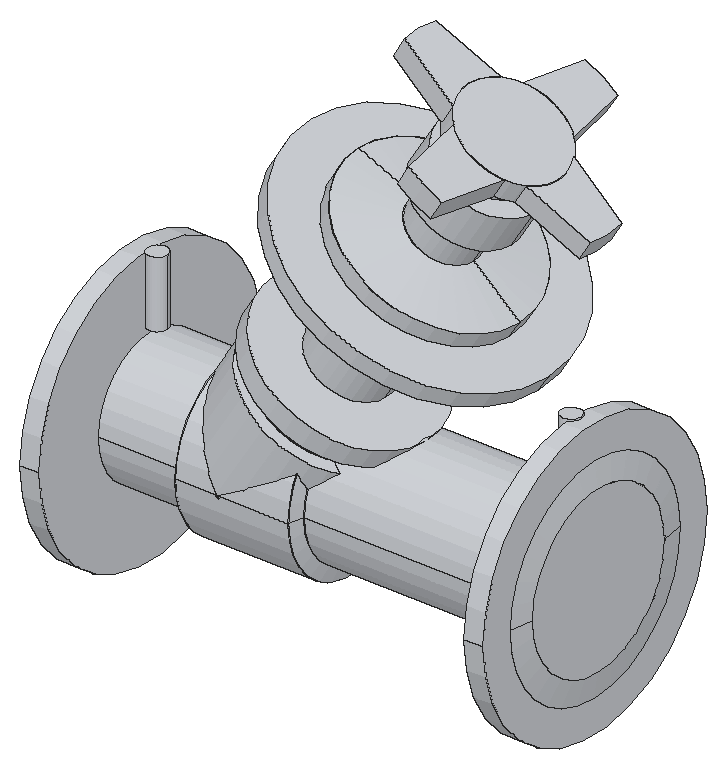
Revit family "224_DN150_40-160_RFA_2019", category Pipe Accessories, Revit 2019
Family settings
  Round Connector Dimension = Use Diameter
  Part Type = Valve - Breaks Into
  Work Plane-Based = No
  Always vertical = Yes
  Cut with Voids When Loaded = No
  Shared = No
Parameters (values of type "224_DN150_(40-160)")
  magiProductId = "96017eba5eec4de2abe05c4d8dc7d1"
  magiProductFamilyId = "cb96b53648234cefb8c956722b95ac"
  magiPartTypeId = 304
  isMeasuringValve [instance] = no
  ang2D [instance] = 0.00°
  Z8 = 26.866 mm
  Z7 = 8.955 mm
  Z6 = 89.552 mm
  Z4 = 44.776 mm
  Z3 = 17.91 mm
  Z2 = 22.388 mm
  Z1 = 89.552 mm
  Y9 = 112.022 mm
  Y8 = 43.927 mm
  X9 = 19.752 mm
  X8 = 30.758 mm
  X5 = 223.38 mm
  X4 = 115.5 mm
  X1 = 19.2 mm
  W2D = 100 mm
  VersionID = "2.0/2018.4.11.4/ZETKAMA_224_001"
  Use Minimum Symbol Size [instance] = yes
  URL = "www.hydronic.cz"
  Type Comments = "přírubový ventil, PN16; -10~+120°C; dpmin=1,5xdpnast;"
  R8 = 53.625 mm
  R7 = 35.75 mm
  R6 = 96.688 mm
  R5 = 142.5 mm
  R4 = 113.75 mm
  R3 = 70.2 mm
  R2 = 108.5 mm
  R12 = 42.75 mm
  R10 = 84 mm
  QmdConnectorList = "301;D;302;D"
  Productdata [instance] = ""
  Manufacturer = "Hydronic Systems Prague s.r.o."
  Maintenance Zone Under Depth [instance] = 440 mm
  Maintenance Zone Right Depth [instance] = 480 mm
  Maintenance Zone Over Depth [instance] = 440 mm
  Maintenance Zone Left Depth [instance] = 480 mm
  Maintenance Zone Front Depth [instance] = 273 mm
  Maintenance Zone Back Depth [instance] = 273 mm
  Maintenance Zone Front Visibility [instance] = no
  MC Product Code = "224 150 7 (DN150; dpnast 40-160kPa; dpmax=250kPa; kvs=200,0kPa)"
  MC Piping Given Pressure Drop [instance] = 0.0 Pa
  LT2 = 240 mm
  L3 = 86.72 mm
  L2D_Min = 3048 mm
  L2D = 350 mm
  H5 = 67.5 mm
  FDT2 = 142.5 mm
  Description = "Regulátor diferenčního tlaku přírubový"
  DT21 = 67.5 mm
  DT2 = 75 mm
  D6 = 90.75 mm
  D5 = 82.5 mm
  D = 150 mm
  Clearance Zone Height Depth [instance] = 440 mm
  Clearance Zone Circular Radius [instance] = 480 mm
  Clearance Zone Visibility [instance] = no
  CAT0 = yes
  ARC2 = 1.728 mm
  ARC1 = 9.698 mm
  ANG = 32.00°
  A2 = 44.513 mm
  A1 = 71.236 mm
Types (10, lengths in mm): name | magiProductId | Z8 | Z7 | Z6 | Z4 | Z3 | Z2 | Z1 | X5 | X4 | X1 | R5 | R3 | R2 | R10 | Maintenance Zone Under Depth | Maintenance Zone Right Depth | Maintenance Zone Over Depth | Maintenance Zone Left Depth | MC Product Code | LT2 | L3 | H5 | FDT2 | DT21 | DT2 | D6 | D5 | D | Clearance Zone Height Depth | Clearance Zone Circular Radius | A2 | A1
  224_DN100_(40-160) | "71f9e553003c40d991c5e352e67284" | 24.389 | 8.13 | 101.622 | 40.649 | 16.26 | 20.324 | 60.973 | 152.2 | 91 | 14 | 110 | 52 | 80.5 | 58 | 405 | 350 | 405 | 350 | "224 100 7 (DN100; dpnast 40-160kPa; dpmax=250kPa; kvs=110,0kPa)" | 175 | 62.8 | 60 | 110 | 50 | 50 | 81.25 | 65 | 100 | 405 | 350 | 32.458 | 51.943
  224_DN100_(20-70) | "5e4de33176c64976a9c157b39996ce" | 24.389 | 8.13 | 101.622 | 40.649 | 16.26 | 20.324 | 60.973 | 152.2 | 91 | 14 | 110 | 52 | 80.5 | 58 | 405 | 350 | 405 | 350 | "224 100 3 (DN100; dpnast 20-70kPa; dpmax=250kPa; kvs=110,0kPa)" | 175 | 62.8 | 60 | 110 | 50 | 50 | 81.25 | 65 | 100 | 405 | 350 | 32.458 | 51.943
  224_DN125_(40-160) | "9beb69b667494b6ab1f54942078ae6" | 25.804 | 8.601 | 107.518 | 43.007 | 17.203 | 21.504 | 64.511 | 166.25 | 113.75 | 16 | 125 | 65 | 95.5 | 71 | 425 | 400 | 425 | 400 | "224 125 7 (DN125; dpnast 40-160kPa; dpmax=250kPa; kvs=169,0kPa)" | 200 | 72 | 62.5 | 125 | 62.5 | 62.5 | 101.562 | 81.25 | 125 | 425 | 400 | 37.094 | 59.363
  224_DN125_(20-70) | "2c85edc695ca465cb63b6911085491" | 25.804 | 8.601 | 107.518 | 43.007 | 17.203 | 21.504 | 64.511 | 166.25 | 113.75 | 16 | 125 | 65 | 95.5 | 71 | 425 | 400 | 425 | 400 | "224 125 3 (DN125; dpnast 20-70kPa; dpmax=250kPa; kvs=169,0kPa)" | 200 | 72 | 62.5 | 125 | 62.5 | 62.5 | 101.562 | 81.25 | 125 | 425 | 400 | 37.094 | 59.363
  224_DN150_(40-160) | "96017eba5eec4de2abe05c4d8dc7d1" | 26.866 | 8.955 | 89.552 | 44.776 | 17.91 | 22.388 | 89.552 | 223.38 | 115.5 | 19.2 | 142.5 | 70.2 | 108.5 | 84 | 440 | 480 | 440 | 480 | "224 150 7 (DN150; dpnast 40-160kPa; dpmax=250kPa; kvs=200,0kPa)" | 240 | 86.72 | 67.5 | 142.5 | 67.5 | 75 | 90.75 | 82.5 | 150 | 440 | 480 | 44.513 | 71.236
  224_DN150_(20-70) | "2dcf3707ec5549d494f72875a03dce" | 26.866 | 8.955 | 89.552 | 44.776 | 17.91 | 22.388 | 89.552 | 223.38 | 115.5 | 19.2 | 142.5 | 70.2 | 108.5 | 84 | 440 | 480 | 440 | 480 | "224 150 3 (DN150; dpnast 20-70kPa; dpmax=250kPa; kvs=200,0kPa)" | 240 | 86.72 | 67.5 | 142.5 | 67.5 | 75 | 90.75 | 82.5 | 150 | 440 | 480 | 44.513 | 71.236
  224_DN065_(40-160) | "7a3227ed888c4b0d8669ae9eb0085d" | 22.974 | 7.658 | 95.726 | 38.29 | 15.316 | 19.145 | 57.436 | 139.89 | 59.15 | 11.6 | 92.5 | 33.8 | 63 | 40.5 | 385 | 290 | 385 | 290 | "224 065 7 (DN65; dpnast 40-160kPa; dpmax=300kPa; kvs=48,4kPa)" | 145 | 51.76 | 60 | 92.5 | 32.5 | 32.5 | 52.812 | 42.25 | 65 | 385 | 290 | 26.893 | 43.038
  224_DN065_(20-70) | "bd269db4002540fe9b2a41f205afd7" | 22.974 | 7.658 | 95.726 | 38.29 | 15.316 | 19.145 | 57.436 | 139.89 | 59.15 | 11.6 | 92.5 | 33.8 | 63 | 40.5 | 385 | 290 | 385 | 290 | "224 065 3 (DN65; dpnast 20-70kPa; dpmax=300kPa; kvs=48,4kPa)" | 145 | 51.76 | 60 | 92.5 | 32.5 | 32.5 | 52.812 | 42.25 | 65 | 385 | 290 | 26.893 | 43.038
  224_DN080_(40-160) | "20b45c03d3cb49e9a44f946d5e2c2d" | 23.328 | 7.776 | 97.2 | 38.88 | 15.552 | 19.44 | 58.32 | 140.96 | 72.8 | 12.4 | 100 | 41.6 | 70.5 | 48 | 390 | 310 | 390 | 310 | "224 080 7 (DN80; dpnast 40-160kPa; dpmax=300kPa; kvs=74,5kPa)" | 155 | 55.44 | 60 | 100 | 40 | 40 | 65 | 52 | 80 | 390 | 310 | 28.748 | 46.007
  224_DN080_(20-70) | "2f63645f7c5342ecbadd0051fa47f2" | 23.328 | 7.776 | 97.2 | 38.88 | 15.552 | 19.44 | 58.32 | 140.96 | 72.8 | 12.4 | 100 | 41.6 | 70.5 | 48 | 390 | 310 | 390 | 310 | "224 080 3 (DN80; dpnast 20-70kPa; dpmax=300kPa; kvs=74,5kPa)" | 155 | 55.44 | 60 | 100 | 40 | 40 | 65 | 52 | 80 | 390 | 310 | 28.748 | 46.007
Reference planes
  plane 1 "Center (Front/Back)": y = 0
  plane 2 "XYPLANE": z = 0
  plane 3 "Center (Left/Right)": x = 0
  plane 4 "274": z = -440
  plane 5 "273": z = 440
  plane 6 "272": x = -480
  plane 7 "271": x = 480
  plane 8 "270": y = 273
  plane 9 "269": y = -273
  plane 10 "202": x = 211.8
  plane 11 "201": z = 75
  plane 12 "199": x = -209.8
  plane 13 "196": x = -6.58
  plane 14 "195": x = -10.58
  plane 15 "186": x = -126.08
  plane 16 "185": x = -130.08
  plane 17 "157": through (-517.259, 0, 587.523) normal (0.5299, 0, 0.848)
  plane 18 "123": y = -19.752
  plane 19 "122": y = -30.758
  plane 20 "120": y = 19.752
  plane 21 "119": y = 30.758
  plane 22 "118": through (242.028, 0, 733.148) normal (0.848, 0, -0.5299)
  plane 23 "117": through (374.28, 0, 650.508) normal (0.848, 0, -0.5299)
  plane 24 "116": through (432.028, 0, 614.423) normal (0.848, 0, -0.5299)
  plane 25 "115": through (299.776, 0, 697.063) normal (0.848, 0, -0.5299)
  plane 26 "113": y = -43.927
  plane 27 "112": y = -112.022
  plane 28 "110": through (363.112, 0, 657.486) normal (0.848, 0, -0.5299)
  plane 29 "108": through (320.277, 0, 684.253) normal (0.848, 0, -0.5299)
  plane 30 "107": through (310.944, 0, 690.085) normal (0.848, 0, -0.5299)
  plane 31 "106": through (353.779, 0, 663.318) normal (0.848, 0, -0.5299)
  plane 32 "105": y = 112.022
  plane 33 "104": y = 43.927
  plane 34 "99": through (-434.212, 0, 720.426) normal (0.5299, 0, 0.848)
  plane 35 "96": through (-446.076, 0, 701.44) normal (0.5299, 0, 0.848)
  plane 36 "91": through (-469.803, 0, 663.467) normal (0.5299, 0, 0.848)
  plane 37 "87": through (-493.531, 0, 625.495) normal (0.5299, 0, 0.848)
  plane 38 "84": through (-498.277, 0, 617.901) normal (0.5299, 0, 0.848)
  plane 39 "82": through (-507.768, 0, 602.712) normal (0.5299, 0, 0.848)
  plane 40 "75": through (-526.75, 0, 572.334) normal (0.5299, 0, 0.848)
  plane 41 "74": through (-540.986, 0, 549.551) normal (0.5299, 0, 0.848)
  plane 42 "41": through (-588.442, 0, 473.607) normal (0.5299, 0, 0.848)
  plane 43 "37": through (-600.305, 0, 454.621) normal (0.5299, 0, 0.848)
  plane 44 "34": through (-612.169, 0, 435.634) normal (0.5299, 0, 0.848)
  plane 45 "30": through (-659.624, 0, 359.69) normal (0.5299, 0, 0.848)
  plane 46 "28": y = 0
  plane 47 "27": through (337.028, 0, 673.785) normal (0.848, 0, -0.5299)
  plane 48 "24": x = 236
  plane 49 "23": x = 216.8
  plane 50 "15": x = -216.8
  plane 51 "11": x = -236
  plane 52 "6": x = 240
  plane 53 "5": x = -240
  plane 54 "3": z = 0
  plane 55 "2": y = 0
  plane 56 "1": x = 0
  plane 57 "25XY": through (-636.036, 0, 397.439) normal (0.5299, 0, 0.848)
  plane 58 "25XZ": y = 0
  plane 59 "25YZ": through (397.439, 0, 636.036) normal (0.848, 0, -0.5299)
Forms (mm)
  Blend 1, solid, visible <- "CAT0"
    base sketch origin (-540.986, 0, 549.551) x (0.848048, 0, -0.529919) y (0, 1, 0)
      loop
        circle (678.764, 0) r 42.75
    top sketch origin (-540.986, 0, 549.551) x (0.848048, 0, -0.529919) y (0, 1, 0)
      loop
        circle (678.764, 0) r 113.75
    from 0 to 26.866
  Blend 2, solid, visible <- "Maintenance Zone Front Visibility"
    base sketch origin (-750, 0, 440) x (1, 0, 0) y (0, 1, 0)
      loop
        line (270, 273) -> (270, -273) -> (1230, -273) -> (1230, 273) -> (270, 273)
    top sketch origin (-750, 0, 440) x (1, 0, 0) y (0, 1, 0)
      loop
        line (270, 273) -> (270, -273) -> (1230, -273) -> (1230, 273) -> (270, 273)
    from 0 to -880
  Extrusion 3, solid, visible <- "Clearance Zone Visibility"
    sketch origin (-750, 0, 0) x (1, 0, 0) y (0, 1, 0)
      loop
        circle (750, 0) r 480
    from 0 to 440 <- "Clearance Zone Height Depth"
  Extrusion 4, solid, visible <- "CAT0"
    sketch origin (-588.442, 0, 473.607) x (0.848048, 0, -0.529919) y (0, 1, 0)
      loop
        circle (678.764, 0) r 42.75
    from 0 to 89.552 <- "Z6"
  Extrusion 5, solid
    sketch origin (-750, 0, 75) x (1, 0, 0) y (0, 1, 0)
      loop
        circle (961.8, 0) r 10
    from 0 to 67.5 <- "H5"
  Extrusion 6, solid
    sketch origin (-750, 0, 75) x (1, 0, 0) y (0, 1, 0)
      loop
        circle (540.2, 0) r 10
    from 0 to 67.5 <- "H5"
  Extrusion 7, solid
    sketch origin (-6.58, -750, 0) x (0, 1, 0) y (0, 0, 1)
      loop
        circle (750, 0) r 67.5
    from 0 to 223.38 <- "X5"
  Blend 8, solid
    base sketch origin (-6.58, -750, 0) x (0, 1, 0) y (0, 0, 1)
      loop
        circle (750, 0) r 67.5
    top sketch origin (-6.58, -750, 0) x (0, 1, 0) y (0, 0, 1)
      loop
        circle (750, 0) r 82.5
    from 0 to -4
  Extrusion 9, solid
    sketch origin (-126.08, -750, 0) x (0, 1, 0) y (0, 0, 1)
      loop
        circle (750, 0) r 82.5
    from 0 to 115.5 <- "X4"
  Blend 10, solid
    base sketch origin (-130.08, -750, 0) x (0, 1, 0) y (0, 0, 1)
      loop
        circle (750, 0) r 67.5
    top sketch origin (-130.08, -750, 0) x (0, 1, 0) y (0, 0, 1)
      loop
        circle (750, 0) r 82.5
    from 0 to 4
  Extrusion 11, solid
    sketch origin (-659.624, 0, 359.69) x (0.848048, 0, -0.529919) y (0, 1, 0)
      loop
        circle (678.764, 0) r 82.5
    from 0 to 89.552 <- "Z1"
  Extrusion 12, solid
    sketch origin (-526.75, 0, 572.334) x (0.848048, 0, -0.529919) y (0, 1, 0)
      loop
        circle (678.764, 0) r 113.75
    from 0 to 17.91 <- "Z3"
  Extrusion 13, solid
    sketch origin (-434.212, 0, 720.426) x (0.848048, 0, -0.529919) y (0, 1, 0)
      loop
        line (722.691, -30.758) -> (790.786, -19.752)
        arc (790.786, -19.752) -> (792.514, 0) -> (790.786, 19.752) r 113.75
        line (790.786, 19.752) -> (722.691, 30.758)
        arc (722.691, 30.758) -> (732.389, 0) -> (722.691, -30.758) r 53.625
    from 0 to 22.388 <- "Z2"
  Extrusion 14, solid
    sketch origin (-434.212, 0, 720.426) x (0.848048, 0, -0.529919) y (0, 1, 0)
      loop
        line (634.837, 30.758) -> (566.742, 19.752)
        arc (566.742, 19.752) -> (565.014, 0) -> (566.742, -19.752) r 113.75
        line (566.742, -19.752) -> (634.837, -30.758)
        arc (634.837, -30.758) -> (625.139, 0) -> (634.837, 30.758) r 53.625
    from 0 to 22.388 <- "Z2"
  Extrusion 15, solid
    sketch origin (-434.212, 0, 720.426) x (0.848048, 0, -0.529919) y (0, 1, 0)
      loop
        line (648.006, -43.927) -> (659.011, -112.022)
        arc (659.011, -112.022) -> (678.764, -113.75) -> (698.516, -112.022) r 113.75
        line (698.516, -112.022) -> (709.522, -43.927)
        arc (709.522, -43.927) -> (678.764, -53.625) -> (648.006, -43.927) r 53.625
    from 0 to 22.388 <- "Z2"
  Extrusion 16, solid
    sketch origin (-434.212, 0, 720.426) x (0.848048, 0, -0.529919) y (0, 1, 0)
      loop
        line (709.522, 43.927) -> (698.516, 112.022)
        arc (698.516, 112.022) -> (678.764, 113.75) -> (659.011, 112.022) r 113.75
        line (659.011, 112.022) -> (648.006, 43.927)
        arc (648.006, 43.927) -> (678.764, 53.625) -> (709.522, 43.927) r 53.625
    from 0 to 22.388 <- "Z2"
  Extrusion 17, solid
    sketch origin (-434.212, 0, 720.426) x (0.848048, 0, -0.529919) y (0, 1, 0)
      loop
        circle (678.764, 0) r 53.625
    from 0 to 22.388 <- "Z2"
  Extrusion 18, solid
    sketch origin (-446.076, 0, 701.44) x (0.848048, 0, -0.529919) y (0, 1, 0)
      loop
        circle (678.764, 0) r 35.75
    from 0 to 22.388 <- "Z2"
  Extrusion 19, solid
    sketch origin (-469.803, 0, 663.467) x (0.848048, 0, -0.529919) y (0, 1, 0)
      loop
        circle (678.764, 0) r 53.625
    from 0 to 44.776 <- "Z4"
  Extrusion 20, solid
    sketch origin (-493.531, 0, 625.495) x (0.848048, 0, -0.529919) y (0, 1, 0)
      loop
        circle (678.764, 0) r 35.75
    from 0 to 44.776 <- "Z4"
  Blend 21, solid
    base sketch origin (-498.277, 0, 617.901) x (0.848048, 0, -0.529919) y (0, 1, 0)
      loop
        circle (678.764, 0) r 96.688
    top sketch origin (-498.277, 0, 617.901) x (0.848048, 0, -0.529919) y (0, 1, 0)
      loop
        circle (678.764, 0) r 35.75
    from 0 to 8.955
  Extrusion 22, solid
    sketch origin (-507.768, 0, 602.712) x (0.848048, 0, -0.529919) y (0, 1, 0)
      loop
        circle (678.764, 0) r 96.688
    from 0 to 17.91 <- "Z3"
  Extrusion 23, solid
    sketch origin (-517.259, 0, 587.523) x (0.848048, 0, -0.529919) y (0, 1, 0)
      loop
        circle (678.764, 0) r 142.5
    from 0 to 17.91 <- "Z3"
  Extrusion 24, solid
    sketch origin (-600.305, 0, 454.621) x (0.848048, 0, -0.529919) y (0, 1, 0)
      loop
        circle (678.764, 0) r 90.75
    from 0 to 22.388 <- "Z2"
  Extrusion 25, solid
    sketch origin (-612.169, 0, 435.634) x (0.848048, 0, -0.529919) y (0, 1, 0)
      loop
        circle (678.764, 0) r 70.2
    from 0 to 22.388 <- "Z2"
  Blend 26, solid
    base sketch origin (236, -750, 0) x (0, 1, 0) y (0, 0, 1)
      loop
        circle (750, 0) r 108.5
    top sketch origin (236, -750, 0) x (0, 1, 0) y (0, 0, 1)
      loop
        circle (750, 0) r 84
    from 0 to 4
  Extrusion 27, solid
    sketch origin (216.8, -750, 0) x (0, 1, 0) y (0, 0, 1)
      loop
        circle (750, 0) r 142.5
    from 0 to 19.2 <- "X1"
  Extrusion 28, solid
    sketch origin (-216.8, -750, 0) x (0, 1, 0) y (0, 0, 1)
      loop
        circle (750, 0) r 67.5
    from 0 to 86.72 <- "L3"
  Extrusion 29, solid
    sketch origin (-236, -750, 0) x (0, 1, 0) y (0, 0, 1)
      loop
        circle (750, 0) r 142.5
    from 0 to 19.2 <- "X1"
  Blend 30, solid
    base sketch origin (-240, -750, 0) x (0, 1, 0) y (0, 0, 1)
      loop
        circle (750, 0) r 84
    top sketch origin (-240, -750, 0) x (0, 1, 0) y (0, 0, 1)
      loop
        circle (750, 0) r 108.5
    from 0 to 4
  Extrusion 31, solid, not visible
    sketch origin (240, -750, 0) x (0, 1, 0) y (0, 0, 1)
      loop
        circle (750, 0) r 10
    from 0 to -10
  Extrusion 32, solid, not visible
    sketch origin (-240, -750, 0) x (0, 1, 0) y (0, 0, 1)
      loop
        circle (750, 0) r 10
    from 0 to 10
Lines and regions (mm)
  reference lines, not visible
    curve 1: circle (-9.38, 2, 0) r 1 normal (0, 0, 1)
  reference lines
    curve 2: line (178.665, -30.758, 337.458) -> (178.665, 30.758, 337.458)
    curve 3: line (236.413, 19.752, 301.373) -> (236.413, -19.752, 301.373)
    curve 4: line (104.16, 30.758, 384.013) -> (104.16, -30.758, 384.013)
    curve 5: line (46.413, -19.752, 420.098) -> (46.413, 19.752, 420.098)
    curve 6: line (115.328, -43.927, 377.035) -> (167.497, -43.927, 344.436)
    curve 7: line (158.164, -112.022, 350.268) -> (124.662, -112.022, 371.203)
    curve 8: line (167.497, 43.927, 344.436) -> (115.328, 43.927, 377.035)
    curve 9: line (124.662, 112.022, 371.203) -> (158.164, 112.022, 350.268)
Dimensions and locks
  plane 1 "Center (Front/Back)" to curve 1 = 2 mm
  "Maintenance Zone Under Depth": plane 2 "XYPLANE" to plane 4 "274"
  "Maintenance Zone Over Depth": plane 2 "XYPLANE" to plane 5 "273"
  "Maintenance Zone Left Depth": plane 3 "Center (Left/Right)" to plane 6 "272"
  "Maintenance Zone Right Depth": plane 3 "Center (Left/Right)" to plane 7 "271"
  "Maintenance Zone Back Depth": plane 1 "Center (Front/Back)" to plane 8 "270"
  "Maintenance Zone Front Depth": plane 1 "Center (Front/Back)" to plane 9 "269"
  locked: plane 49 "23" to plane 10 "202" at 5
  "DT2": plane 2 "XYPLANE" to plane 11 "201"
  locked: plane 50 "15" to plane 12 "199" at 7
  locked: plane 14 "195" to plane 13 "196" at 4
  "X4": plane 15 "186" to plane 14 "195"
  locked: plane 16 "185" to plane 15 "186" at 4
  "L3": plane 50 "15" to plane 16 "185"
  "Z3": plane 40 "75" to plane 17 "157"
  "X9": plane 55 "2" to plane 18 "123"
  "X8": plane 55 "2" to plane 19 "122"
  "X9": plane 55 "2" to plane 20 "120"
  "X8": plane 55 "2" to plane 21 "119"
  "Y9": plane 47 "27" to plane 22 "118"
  "Y8": plane 47 "27" to plane 23 "117"
  "Y9": plane 47 "27" to plane 24 "116"
  "Y8": plane 47 "27" to plane 25 "115"
  "Y8": plane 55 "2" to plane 26 "113"
  "Y9": plane 55 "2" to plane 27 "112"
  "X8": plane 47 "27" to plane 28 "110"
  "X9": plane 47 "27" to plane 29 "108"
  "X8": plane 47 "27" to plane 30 "107"
  "X9": plane 47 "27" to plane 31 "106"
  "Y9": plane 55 "2" to plane 32 "105"
  "Y8": plane 55 "2" to plane 33 "104"
  "Z2": plane 35 "96" to plane 34 "99"
  "Z4": plane 36 "91" to plane 35 "96"
  "Z4": plane 37 "87" to plane 36 "91"
  "Z7": plane 38 "84" to plane 37 "87"
  "Z3": plane 39 "82" to plane 38 "84"
  "Z3": plane 17 "157" to plane 39 "82"
  "Z8": plane 41 "74" to plane 40 "75"
  "Z6": plane 42 "41" to plane 41 "74"
  "Z2": plane 43 "37" to plane 42 "41"
  "Z2": plane 44 "34" to plane 43 "37"
  "Z1": plane 45 "30" to plane 44 "34"
  "A2": plane 57 "25XY" to plane 45 "30"
  locked: plane 55 "2" to plane 46 "28"
  "A1": plane 59 "25YZ" to plane 47 "27"
  "X1": plane 49 "23" to plane 48 "24"
  "X5": plane 13 "196" to plane 49 "23"
  "X1": plane 51 "11" to plane 50 "15"
  locked: plane 53 "5" to plane 51 "11" at 4
  "LT2": plane 3 "Center (Left/Right)" to plane 52 "6"
  "LT2": plane 3 "Center (Left/Right)" to plane 53 "5"
  locked: plane 2 "XYPLANE" to plane 54 "3"
  locked: plane 1 "Center (Front/Back)" to plane 55 "2"
  locked: plane 3 "Center (Left/Right)" to plane 56 "1"
  Blend 2 sketch curve to Blend 2 sketch curve = 0 mm  (x16)
  "ARC1": curve 2 to Extrusion 13 sketch curve
  "ARC2": curve 3 to Extrusion 13 sketch curve
  Extrusion 13 sketch curve to Extrusion 13 sketch curve = 0 mm  (x8)
  "ARC1": curve 4 to Extrusion 14 sketch curve
  "ARC2": curve 5 to Extrusion 14 sketch curve
  Extrusion 14 sketch curve to Extrusion 14 sketch curve = 0 mm  (x8)
  "ARC1": curve 6 to Extrusion 15 sketch curve
  "ARC2": curve 7 to Extrusion 15 sketch curve
  Extrusion 15 sketch curve to Extrusion 15 sketch curve = 0 mm  (x8)
  "ARC1": curve 8 to Extrusion 16 sketch curve
  "ARC2": curve 9 to Extrusion 16 sketch curve
  Extrusion 16 sketch curve to Extrusion 16 sketch curve = 0 mm  (x8)
  "R4": radius of Blend 1 sketch curve
  "R12": radius of Blend 1 sketch curve
  "Clearance Zone Circular Radius": radius of Extrusion 3 sketch curve
  "R12": radius of Extrusion 4 sketch curve
  "DT21": radius of Extrusion 7 sketch curve
  "D5": radius of Blend 8 sketch curve
  "DT21": radius of Blend 8 sketch curve
  "D5": radius of Extrusion 9 sketch curve
  "D5": radius of Blend 10 sketch curve
  "DT21": radius of Blend 10 sketch curve
  "D5": radius of Extrusion 11 sketch curve
  "R4": radius of Extrusion 12 sketch curve
  "R8": radius of Extrusion 17 sketch curve
  "R7": radius of Extrusion 18 sketch curve
  "R8": radius of Extrusion 19 sketch curve
  "R7": radius of Extrusion 20 sketch curve
  "R7": radius of Blend 21 sketch curve
  "R6": radius of Blend 21 sketch curve
  "R6": radius of Extrusion 22 sketch curve
  "R5": radius of Extrusion 23 sketch curve
  "D6": radius of Extrusion 24 sketch curve
  "R3": radius of Extrusion 25 sketch curve
  "R10": radius of Blend 26 sketch curve
  "R2": radius of Blend 26 sketch curve
  "FDT2": radius of Extrusion 27 sketch curve
  "DT21": radius of Extrusion 28 sketch curve
  "FDT2": radius of Extrusion 29 sketch curve
  "R2": radius of Blend 30 sketch curve
  "R10": radius of Blend 30 sketch curve
  aligned and locked: level to plane 2 "XYPLANE"
  aligned and locked: plane 46 "28" to Blend 1 sketch curve  (x2)
  aligned and locked: Blend 1 sketch curve to plane 47 "27"  (x2)
  aligned and locked: plane 40 "75" to Blend 1
  aligned and locked: Blend 2 sketch curve to plane 6 "272"  (x2)
  aligned and locked: plane 8 "270" to Blend 2 sketch curve  (x4)
  aligned and locked: plane 9 "269" to Blend 2 sketch curve  (x4)
  aligned and locked: plane 6 "272" to Blend 2 sketch curve  (x2)
  aligned and locked: plane 7 "271" to Blend 2 sketch curve  (x4)
  aligned and locked: Blend 2 to plane 4 "274"
  aligned and locked: plane 55 "2" to Extrusion 3 sketch curve
  aligned and locked: plane 56 "1" to Extrusion 3 sketch curve
  aligned and locked: plane 46 "28" to Extrusion 4 sketch curve
  aligned and locked: Extrusion 4 sketch curve to plane 47 "27"
  aligned and locked: plane 10 "202" to Extrusion 5 sketch curve
  aligned and locked: plane 55 "2" to Extrusion 5 sketch curve
  aligned and locked: plane 12 "199" to Extrusion 6 sketch curve
  aligned and locked: plane 55 "2" to Extrusion 6 sketch curve
  aligned and locked: plane 54 "3" to Extrusion 7 sketch curve
  aligned and locked: Extrusion 7 sketch curve to plane 55 "2"
  aligned and locked: plane 54 "3" to Blend 8 sketch curve  (x2)
  aligned and locked: Blend 8 sketch curve to plane 55 "2"  (x2)
  aligned and locked: Blend 8 to plane 14 "195"
  aligned and locked: plane 54 "3" to Extrusion 9 sketch curve
  aligned and locked: Extrusion 9 sketch curve to plane 55 "2"
  aligned and locked: plane 54 "3" to Blend 10 sketch curve  (x2)
  aligned and locked: Blend 10 sketch curve to plane 55 "2"  (x2)
  aligned and locked: plane 15 "186" to Blend 10
  aligned and locked: plane 46 "28" to Extrusion 11 sketch curve
  aligned and locked: Extrusion 11 sketch curve to plane 47 "27"
  aligned and locked: plane 46 "28" to Extrusion 12 sketch curve
  aligned and locked: Extrusion 12 sketch curve to plane 47 "27"
  aligned and locked: curve 2 to plane 23 "117"
  aligned and locked: plane 19 "122" to curve 2
  aligned and locked: plane 21 "119" to curve 2
  aligned and locked: plane 21 "119" to Extrusion 13 sketch curve
  aligned and locked: plane 23 "117" to Extrusion 13 sketch curve
  aligned and locked: plane 20 "120" to Extrusion 13 sketch curve
  aligned and locked: plane 24 "116" to Extrusion 13 sketch curve
  aligned and locked: curve 3 to plane 24 "116"
  aligned and locked: plane 20 "120" to curve 3
  aligned and locked: plane 18 "123" to curve 3
  aligned and locked: plane 18 "123" to Extrusion 13 sketch curve
  aligned and locked: Extrusion 13 sketch curve to plane 24 "116"
  aligned and locked: plane 19 "122" to Extrusion 13 sketch curve
  aligned and locked: Extrusion 13 sketch curve to plane 23 "117"
  aligned and locked: curve 4 to plane 25 "115"
  aligned and locked: plane 21 "119" to curve 4
  aligned and locked: plane 19 "122" to curve 4
  aligned and locked: plane 19 "122" to Extrusion 14 sketch curve
  aligned and locked: Extrusion 14 sketch curve to plane 25 "115"
  aligned and locked: plane 18 "123" to Extrusion 14 sketch curve
  aligned and locked: Extrusion 14 sketch curve to plane 22 "118"
  aligned and locked: curve 5 to plane 22 "118"
  aligned and locked: plane 18 "123" to curve 5
  aligned and locked: plane 20 "120" to curve 5
  aligned and locked: plane 20 "120" to Extrusion 14 sketch curve
  aligned and locked: plane 22 "118" to Extrusion 14 sketch curve
  aligned and locked: plane 21 "119" to Extrusion 14 sketch curve
  aligned and locked: plane 25 "115" to Extrusion 14 sketch curve
  aligned and locked: curve 6 to plane 26 "113"
  aligned and locked: curve 6 to plane 30 "107"
  aligned and locked: curve 6 to plane 28 "110"
  aligned and locked: plane 26 "113" to Extrusion 15 sketch curve  (x2)
  aligned and locked: Extrusion 15 sketch curve to plane 28 "110"
  aligned and locked: plane 27 "112" to Extrusion 15 sketch curve  (x2)
  aligned and locked: Extrusion 15 sketch curve to plane 31 "106"
  aligned and locked: plane 27 "112" to curve 7
  aligned and locked: curve 7 to plane 31 "106"
  aligned and locked: curve 7 to plane 29 "108"
  aligned and locked: Extrusion 15 sketch curve to plane 29 "108"
  aligned and locked: Extrusion 15 sketch curve to plane 30 "107"
  aligned and locked: plane 33 "104" to curve 8
  aligned and locked: plane 28 "110" to curve 8
  aligned and locked: plane 30 "107" to curve 8
  aligned and locked: plane 30 "107" to Extrusion 16 sketch curve
  aligned and locked: plane 33 "104" to Extrusion 16 sketch curve  (x2)
  aligned and locked: plane 29 "108" to Extrusion 16 sketch curve
  aligned and locked: plane 32 "105" to Extrusion 16 sketch curve  (x2)
  aligned and locked: curve 9 to plane 32 "105"
  aligned and locked: plane 29 "108" to curve 9
  aligned and locked: plane 31 "106" to curve 9
  aligned and locked: plane 31 "106" to Extrusion 16 sketch curve
  aligned and locked: plane 28 "110" to Extrusion 16 sketch curve
  aligned and locked: plane 46 "28" to Extrusion 17 sketch curve
  aligned and locked: Extrusion 17 sketch curve to plane 47 "27"
  aligned and locked: plane 46 "28" to Extrusion 18 sketch curve
  aligned and locked: Extrusion 18 sketch curve to plane 47 "27"
  aligned and locked: plane 46 "28" to Extrusion 19 sketch curve
  aligned and locked: Extrusion 19 sketch curve to plane 47 "27"
  aligned and locked: plane 46 "28" to Extrusion 20 sketch curve
  aligned and locked: Extrusion 20 sketch curve to plane 47 "27"
  aligned and locked: plane 46 "28" to Blend 21 sketch curve  (x2)
  aligned and locked: Blend 21 sketch curve to plane 47 "27"  (x2)
  aligned and locked: plane 37 "87" to Blend 21
  aligned and locked: plane 46 "28" to Extrusion 22 sketch curve
  aligned and locked: Extrusion 22 sketch curve to plane 47 "27"
  aligned and locked: plane 46 "28" to Extrusion 23 sketch curve
  aligned and locked: Extrusion 23 sketch curve to plane 47 "27"
  aligned and locked: plane 46 "28" to Extrusion 24 sketch curve
  aligned and locked: Extrusion 24 sketch curve to plane 47 "27"
  aligned and locked: plane 46 "28" to Extrusion 25 sketch curve
  aligned and locked: Extrusion 25 sketch curve to plane 47 "27"
  aligned and locked: plane 54 "3" to Blend 26 sketch curve  (x2)
  aligned and locked: Blend 26 sketch curve to plane 55 "2"  (x2)
  aligned and locked: plane 52 "6" to Blend 26
  aligned and locked: plane 54 "3" to Extrusion 27 sketch curve
  aligned and locked: Extrusion 27 sketch curve to plane 55 "2"
  aligned and locked: plane 54 "3" to Extrusion 28 sketch curve
  aligned and locked: Extrusion 28 sketch curve to plane 55 "2"
  aligned and locked: plane 54 "3" to Extrusion 29 sketch curve
  aligned and locked: Extrusion 29 sketch curve to plane 55 "2"
  aligned and locked: plane 54 "3" to Blend 30 sketch curve  (x2)
  aligned and locked: Blend 30 sketch curve to plane 55 "2"  (x2)
  aligned and locked: plane 51 "11" to Blend 30
  aligned and locked: plane 54 "3" to Extrusion 31 sketch curve
  aligned and locked: Extrusion 31 sketch curve to plane 55 "2"
  aligned and locked: plane 54 "3" to Extrusion 32 sketch curve
  aligned and locked: Extrusion 32 sketch curve to plane 55 "2"
Automatic sketch dimensions
  Extrusion 5 sketch curve to Extrusion 5 sketch curve = 10 mm
  Extrusion 6 sketch curve to plane 50 "15" = 3 mm
  plane 18 "123" to Extrusion 31 sketch curve = 9.752 mm
  plane 18 "123" to Extrusion 32 sketch curve = 9.752 mm
  plane 14 "195" to curve 1 = 1.2 mm
  radius of curve 1 = 1 mm
Connectors
  piping at (-240, 0, 0), diameter 150, driven by "D"
    settings: on Extrusion 32, index 1, connector inside diameter 609.6 mm, connector length 0 mm, flow factor 0, pipe flow 0.0 L/s, pressure drop 0.0 Pa, fitting loss kfactor 0, connector angle 0.00°, fixture units 0, engagement length 0 mm, angle of deflection 0.00°, flow configuration 0, flow direction 0, fitting loss method 0, system type 29, joint type 0, gender type 0, connector reference index 2, connector utility 0, adjustable connector no, is connector primary yes, connector description ""
  piping at (240, 0, 0), diameter 150, driven by "D"
    settings: on Extrusion 31, index 2, connector inside diameter 609.6 mm, connector length 0 mm, flow factor 0, pipe flow 0.0 L/s, pressure drop 0.0 Pa, fitting loss kfactor 0, connector angle 0.00°, fixture units 0, engagement length 0 mm, angle of deflection 0.00°, flow configuration 0, flow direction 0, fitting loss method 0, system type 29, joint type 0, gender type 0, connector reference index 1, connector utility 0, adjustable connector no, is connector primary no, connector description ""
